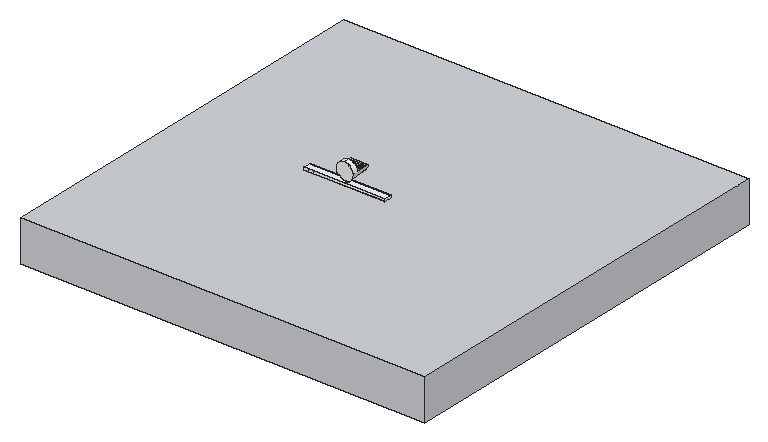
Revit family "Zumtobel INT LC TEC-GP", category Lighting Fixtures, host Face, Revit 2016
Family settings
  Host = Face
  Part Type = Normal
  Round Connector Dimension = Use Diameter
  OmniClass Number = 23.80.70.11
  OmniClass Title = Luminaries for Internal Lighting
  Cut with Voids When Loaded = No
  Light Source = No
  Shared = No
  Room Calculation Point = No
Parameters (values of type "INT LC TEC-GP")
  Width = 125 mm  # constant formula
  Wattage Comments = ""
  URL = "http://www.zumtobel.com/60714494"
  Type Comments = "© Zumtobel. We reserve the right to make technical changes without prior notice."  # constant formula
  Rotation [instance] = 0.00°
  Reflector = ZG_Self_llumination_Opaque
  Height = 125 mm  # constant formula
  Depth = 98 mm  # constant formula
  Model = "60714494"
  Manufacturer = "Zumtobel Lighting"  # constant formula
  Lamp = ""
  Description = "LED spotlight for TECTON track"  # constant formula
  Default Elevation = 0 mm
  Body = ZG_Metal_White
  Assembly Code = "D5020200"
  Apparent Load = 43 VA
  Angle [instance] = 5.00°
Reference planes
  plane 1 "Center (Front/Back)": y = 0
  plane 2 "Bottom": z = 0
  plane 3 "Center (Left/Right)": x = -735.5
  plane 4 "Left": x = -1034.5
  plane 5 "Right": x = -436.5
  plane 6 "Rotation": z = 54
Forms (mm)
  Extrusion 1, solid
    sketch origin (123, 0, 0) x (1, 0, 0) y (0, 1, 0)
      loop
        line (-2085.5, 1500) -> (-2085.5, -1500) -> (914.5, -1500) -> (914.5, 1500) -> (-2085.5, 1500)
    from 0 to -304.8
  Extrusion 2, solid, material "ZG_Metal_White" <- "Body"
    sketch origin (-735.5, 0, -57.072) x (0, -1, 0) y (0, 0, 1)
      loop
        line (-28, 74) -> (-30, 76) -> (-30, 62) -> (-24.468, 62) -> (-24.468, 50.994) -> (-21.81, 50.994) -> (-21.81, 57.072) -> (21.81, 57.072) -> (21.81, 50.994) -> (24.468, 50.994) -> (24.468, 62) -> (30, 62) -> (30, 76) -> (28, 74) -> (-28, 74)
    from -299 to 299
  Extrusion 3, solid, material "ZG_Metal_White" <- "Body"
    sketch origin (0, 0, 0) x (1, 0, 0) y (0, 1, 0)
      loop
        circle (-735.5, 0) r 11
    from 16.928 to 53.928
Lines and regions (mm)
  symbolic lines, not visible, detail levels coarse
    curve 1: line (-735.5, 80, 0) -> (-735.5, -80, 0)
    curve 2: line (-735.5, 80, 0) -> (-735.5, -80, 0)
  reference lines
    curve 3: line (-735.5, 0, 54) -> (-570.5, 0, 54)
Dimensions and locks
  equal spacing: plane 4 "Left", plane 3 "Center (Left/Right)", plane 5 "Right"
  plane 4 "Left" to plane 5 "Right" = 598 mm
  "Rotation": angle plane 1 "Center (Front/Back)" to curve 3
  aligned and locked: plane 2 "Bottom" to Extrusion 1
  aligned and locked: level to Extrusion 1
  aligned and locked: plane 4 "Left" to Extrusion 2
  aligned and locked: plane 5 "Right" to Extrusion 2
  aligned and locked: plane 1 "Center (Front/Back)" to curve 3
Automatic sketch dimensions
  curve 1 to plane 3 "Center (Left/Right)" = 0 mm
  curve 2 to plane 3 "Center (Left/Right)" = 0 mm
  curve 2 to curve 1 = 0 mm
  curve 1 to curve 2 = 0 mm
  Extrusion 1 sketch curve to Extrusion 1 sketch curve = 3000 mm  (x2)
  Extrusion 2 sketch curve to level = 0 mm
  Extrusion 2 sketch curve to Extrusion 2 sketch curve = 2 mm  (x4)
  Extrusion 2 sketch curve to Extrusion 2 sketch curve = 5.532 mm
  Extrusion 2 sketch curve to level = 6.078 mm  (x2)
  level to Extrusion 2 sketch curve = 4.928 mm  (x2)
  Extrusion 2 sketch curve to Extrusion 2 sketch curve = 12 mm
  plane 1 "Center (Front/Back)" to Extrusion 3 sketch curve = 0 mm
  Extrusion 3 sketch curve to plane 3 "Center (Left/Right)" = 0 mm
  plane 1 "Center (Front/Back)" to curve 2 = 80 mm
  plane 1 "Center (Front/Back)" to Extrusion 2 sketch curve = 21.81 mm
  Extrusion 2 sketch curve to Extrusion 2 sketch curve = 2.658 mm  (x2)
  curve 2 to plane 1 "Center (Front/Back)" = 80 mm
  Extrusion 2 sketch curve to plane 1 "Center (Front/Back)" = 21.81 mm
  Extrusion 2 sketch curve to Extrusion 2 sketch curve = 3.532 mm
  curve 3 to plane 3 "Center (Left/Right)" = 0 mm
  radius of Extrusion 3 sketch curve = 11 mm
Nested families
  nested 1: "Zumtobel INT Body" at (-535.5, -151.564, 98.271) x (1, 0, 0) z (0, 0, -1), Angle <- "Angle", Body <- "Body", Cover <- "Reflector", type "Zumtobel INT Body"
    with Cover ZG_Self_llumination_Opaque, Body ZG_Metal_White, Angle 5.00°
Definition of nested family "Zumtobel INT Body"
  Parameters (values of type "ARCOS 2 1/20W HIT FL-S")
    Wattage = 22.4314 W
    built-in parameter 1150110 = 1 (stored number, unit not read)
    URL = ""
    built-in parameter 1114217 = 1 (stored number, unit not read)
    Tilt Angle = 60.00°
    built-in parameter 1150109 = 1 (stored number, unit not read)
    built-in parameter 1150134 = 3
    built-in parameter 1150113 = 1 (stored number, unit not read)
    Photometric Web File = "60714494_(STD_LEO).IES"
    Model = ""
    Manufacturer = "Zumtobel Lighting"  # constant formula
    built-in parameter 1150105 = 3791.5 (stored number, unit not read)
    Lumens = 3332 lm
    built-in parameter 1150115 = 1 (stored number, unit not read)
    built-in parameter 1150137 = (empty or 0)
    built-in parameter 1150139 = (empty or 0)
    built-in parameter 1150112 = 1 (stored number, unit not read)
    built-in parameter 1150114 = 1 (stored number, unit not read)
    Lamp = ""
    built-in parameter 1150132 = 2
    built-in parameter 1150102 = (empty or 0)
    built-in parameter 1150107 = 3200 (stored number, unit not read)
    built-in parameter 1150138 = (empty or 0)
    built-in parameter 1150106 = 37.915 (stored number, unit not read)
    built-in parameter 1150104 = 13.8 (stored number, unit not read)
    Dimming Lamp Color Temperature Shift = (empty or 0)
    Description = "Zumtobel INT Body"  # constant formula
    Default Elevation = 0 mm
    Cover [instance] = none
    Color Filter = 16777215
    Body [instance] = none
    built-in parameter 1114218 = 1 (stored number, unit not read)
    built-in parameter 1150133 = 10 (stored number, unit not read)
    Assembly Code = ""
    Apparent Load = 43 VA
    Angle [instance] = 30.00°
  Reference planes
    plane 1 "Top": z = 0
    plane 2 "Center (Front/Back)": y = -155
    plane 3 "Center (Left/Right)": x = -200
    plane 4: z = 95
  Forms (mm)
    Extrusion 1, solid, material <- "Body"
      sketch origin (-200, -164.156, -5.286) x (0, -0.5, 0.866025) y (1, 0, 0)
        loop
          circle (0, 0) r 63
      from -96.992 to 38.008
    Extrusion 2, void
      sketch origin (-200, -164.156, -5.286) x (0, 0.5, -0.866025) y (0, -0.866025, -0.5)
        loop
          line (0, 0) -> (85, 0) -> (85, 96.992) -> (-8.061, 96.992) -> (0, 0)
      from -100 to 100
    Extrusion 3, void
      sketch origin (-200, -248.154, -53.782) x (0, 0.5, -0.866025) y (1, 0, 0)
        loop
          line (-64.621, -7.5) -> (2.87, -7.5) -> (2.87, -2.5) -> (-64.621, -2.5) -> (-64.621, -7.5)
        loop
          line (-64.621, -17.5) -> (2.87, -17.5) -> (2.87, -12.5) -> (-64.621, -12.5) -> (-64.621, -17.5)
        loop
          line (-64.621, -27.5) -> (2.87, -27.5) -> (2.87, -22.5) -> (-64.621, -22.5) -> (-64.621, -27.5)
        loop
          line (-64.621, -37.5) -> (2.87, -37.5) -> (2.87, -32.5) -> (-64.621, -32.5) -> (-64.621, -37.5)
        loop
          line (-64.621, -47.5) -> (2.87, -47.5) -> (2.87, -42.5) -> (-64.621, -42.5) -> (-64.621, -47.5)
        loop
          line (-64.621, -57.5) -> (2.87, -57.5) -> (2.87, -52.5) -> (-64.621, -52.5) -> (-64.621, -57.5)
        loop
          line (-64.621, 7.5) -> (-64.621, 2.5) -> (2.87, 2.5) -> (2.87, 7.5) -> (-64.621, 7.5)
        loop
          line (-64.621, 17.5) -> (-64.621, 12.5) -> (2.87, 12.5) -> (2.87, 17.5) -> (-64.621, 17.5)
        loop
          line (-64.621, 27.5) -> (-64.621, 22.5) -> (2.87, 22.5) -> (2.87, 27.5) -> (-64.621, 27.5)
        loop
          line (-64.621, 37.5) -> (-64.621, 32.5) -> (2.87, 32.5) -> (2.87, 37.5) -> (-64.621, 37.5)
        loop
          line (-64.621, 47.5) -> (-64.621, 42.5) -> (2.87, 42.5) -> (2.87, 47.5) -> (-64.621, 47.5)
        loop
          line (-64.621, 57.5) -> (-64.621, 52.5) -> (2.87, 52.5) -> (2.87, 57.5) -> (-64.621, 57.5)
      from -87 to 8.677
    Extrusion 4, void
      sketch origin (-200, -164.156, -5.286) x (0, -0.5, 0.866025) y (1, 0, 0)
        loop
          circle (0, 0) r 53
      from 0 to 5
    Extrusion 5, void
      sketch origin (-200, -164.156, -5.286) x (0, -0.5, 0.866025) y (1, 0, 0)
        loop
          arc (0, -53) -> (53, 0) -> (0, 53) r 53
          line (0, 53) -> (0, -53)
      from 0 to -5
    Extrusion 6, solid, material <- "Cover"
      sketch origin (-200, -164.156, -5.286) x (0, 0.5, -0.866025) y (1, 0, 0)
        loop
          circle (0, 0) r 53
      from -5 to 0
  Cuts and joins
    Extrusion 2, Extrusion 3, Extrusion 4, Extrusion 5 cuts Extrusion 1
  Lines and regions (mm)
    reference lines
      curve 1: line (-200, -155, 0) -> (-200, -164.156, -5.286)
      curve 2: line (-200, -164.156, -5.286) -> (-200, -235.871, 118.928)
  Dimensions and locks
    "Angle": angle curve 1 to level
    aligned and locked: level to plane 1 "Top"
    aligned and locked: plane 2 "Center (Front/Back)" to curve 1
    aligned and locked: plane 1 "Top" to curve 1
    aligned and locked: imposter light to curve 2  (x2)
  Automatic sketch dimensions
    curve 2 to level = 118.928 mm
    Extrusion 1 sketch curve to curve 2 = 0 mm  (x2)
    Extrusion 2 sketch curve to curve 2 = 0 mm  (x2)
    Extrusion 2 sketch curve to Extrusion 2 sketch curve = 85 mm
    curve 2 to Extrusion 2 sketch curve = 96.992 mm
    Extrusion 2 sketch curve to curve 2 = 8.061 mm
    Extrusion 3 sketch curve to Extrusion 3 sketch curve = 0 mm  (x22)
    Extrusion 3 sketch curve to Extrusion 3 sketch curve = 67.49 mm
    Extrusion 3 sketch curve to Extrusion 3 sketch curve = 5 mm  (x23)
    Extrusion 4 sketch curve to Extrusion 2 = 0 mm
    Extrusion 4 sketch curve to Extrusion 2 = 100 mm
    Extrusion 5 sketch curve to Extrusion 2 = 0 mm
    Extrusion 5 sketch curve to Extrusion 2 = 100 mm
    Extrusion 5 sketch curve to Extrusion 2 = 47 mm
    Extrusion 6 sketch curve to Extrusion 2 = 0 mm
    Extrusion 2 to Extrusion 6 sketch curve = 100 mm
    radius of Extrusion 1 sketch curve = 63 mm
    radius of Extrusion 4 sketch curve = 53 mm
    radius of Extrusion 6 sketch curve = 53 mm
